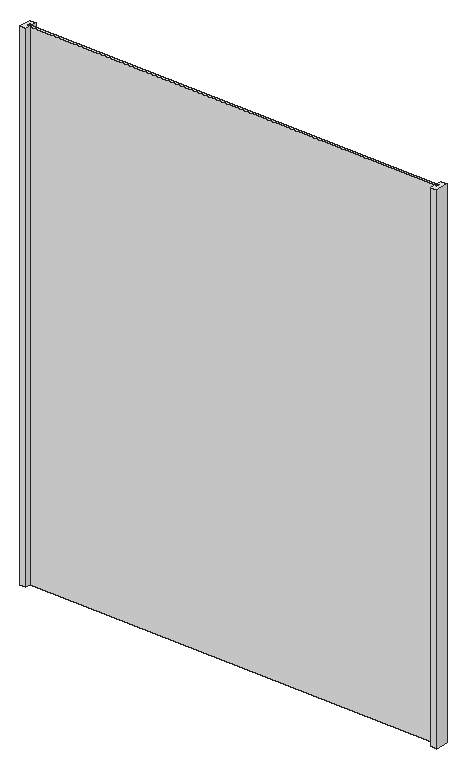
Revit family
Parameters (values of type "FSH1")
  창 폭 = 800 mm
  프레임 중심 = 200 mm
  창 높이 = 1250 mm
  프레임 그림 [instance] = 17
  프레임 투영 외부. = 25 mm
  프레임 투영 내부. = 25 mm
  프레임 폭 = 75 mm
  Height = 4200 mm
  Wall Closure = (empty or 0)
  Width = 3500 mm
  문 패널 = FSH1 문 패널
  문 프레임 = FSH1 문 프레임
Types (5, lengths in mm): name | 창 폭 | 프레임 중심 | 창 높이 | 프레임 그림 | Height | Width | 문 패널 | 문 프레임
  (no name) | 800 | 200 | 1250 | 17 | 4200 | 3500 | FSH1 문 패널 | FSH1 문 프레임
  FSH1 | 800 | 200 | 1250 | 17 | 4200 | 3500 | FSH1 문 패널 | FSH1 문 프레임
  FSH2 | 440 | 200 | 1210 | 11 | 2600 | 1700 | FSH2 문 패널 | FSH2 문 프레임
  FSH3 | 900 | 100 | 1210 | 11 | 2600 | 4900 | FSH3 문 패널 | FSH3 문 프레임
  FSH4 | 900 | 100 | 1210 | 11 | 2600 | 5100 | FSH4 문 패널 | FSH4 문 프레임
Reference planes
  plane 1: y = 0
  plane 2 "왼쪽": x = -1750
  plane 3 "오른쪽": x = 1750
  plane 4: z = 4200
  plane 5 "외부": y = 125
  plane 6 "내부": y = -125
  plane 7: y = 75
  plane 8 "외부 면": y = 85
  plane 9 "내부 면": y = 65
  plane 10: y = 125
  plane 11: y = 25
  plane 12: x = -1700
  plane 13: x = 1700
  plane 14: x = -1720
  plane 15: x = 1720
  plane 16: x = -1713
  plane 17: x = 1713
  plane 18: x = -583.333
  plane 19: x = 583.333
  plane 20: x = -608.333
  plane 21: x = -558.333
  plane 22: x = 608.333
  plane 23: x = 558.333
  plane 24: z = 1250
  plane 25: z = 1355
  plane 26: x = 1566.667
  plane 27: x = 766.667
  plane 28: x = 400
  plane 29: x = -400
  plane 30: x = -766.667
  plane 31: x = -1566.667
  plane 32: x = -1166.667
  plane 33: x = 0
  plane 34: x = 1166.667
Forms (mm)
  Extrusion 1, solid, material "FSH1 문 프레임" <- "문 프레임"
    sketch origin (0, 0, 0) x (1, 0, 0) y (0, 1, 0)
      loop
        line (-1750, 125) -> (-1750, 25) -> (-1700, 25) -> (-1700, 65) -> (-1720, 65) -> (-1720, 85) -> (-1700, 85) -> (-1700, 125) -> (-1750, 125)
      loop
        line (1750, 125) -> (1700, 125) -> (1700, 85) -> (1720, 85) -> (1720, 65) -> (1700, 65) -> (1700, 25) -> (1750, 25) -> (1750, 125)
    from 0 to 4200
  Extrusion 2, solid, material "FSH1 문 패널" <- "문 패널"
    sketch origin (0, 0, 0) x (1, 0, 0) y (0, 1, 0)
      loop
        line (-1713, 65) -> (1713, 65) -> (1713, 85) -> (-1713, 85) -> (-1713, 65)
    from 0 to 4200
Lines and regions (mm)
  Opening 1
    outline origin (-3050, -125, 0) x (1, 0, 0) y (0, 0, 1)
      loop
        line (1300, 0) -> (4800, 0) -> (4800, 4200) -> (1300, 4200) -> (1300, 0)
  model lines, style "DoorsPanelProjection"
    curve 1: line (1749.979, 125, 1630.271) -> (1749.979, 125, 0)
    curve 2: line (-1750, 125, 1630.271) -> (-1750, 125, 0)
  model lines, style "평면 스윙"
    curve 3: line (-1713, 85, 0) -> (1700, 85, 0)
    curve 4: line (1713, 85, 0) -> (1713, 65, 0)
    curve 5: line (1700, 65, 0) -> (-1713, 65, 0)
    curve 6: line (-1720, 85, 0) -> (-1720, 65, 0)
    curve 11: line (-1713, 65, 0) -> (1700, 65, 0)
    curve 12: line (1713, 65, 0) -> (1713, 85, 0)
    curve 13: line (1700, 85, 0) -> (-1713, 85, 0)
    curve 14: line (-1720, 65, 0) -> (-1720, 85, 0)
  model lines, style "입면도 스윙"
    curve 7: line (608.333, 85, 0) -> (608.333, 85, 4200)
    curve 8: line (558.333, 85, 4200) -> (558.333, 85, 0)
    curve 9: line (-558.333, 85, 0) -> (-558.333, 85, 4200)
    curve 10: line (-608.333, 85, 0) -> (-608.333, 85, 4200)
    curve 15: line (1700, 85, 4170) -> (-1700, 85, 4170)
    curve 16: line (1700, 85, 2400) -> (-1700, 85, 2400)
    curve 17: line (1700, 85, 2370) -> (-1700, 85, 2370)
    curve 18: line (1700, 85, 2160) -> (-1700, 85, 2160)
    curve 19: line (1700, 85, 2130) -> (-1700, 85, 2130)
    curve 20: line (1700, 85, 1920) -> (-1700, 85, 1920)
    curve 21: line (1700, 85, 1890) -> (-1700, 85, 1890)
    curve 22: line (1700, 85, 1680) -> (-1700, 85, 1680)
    curve 23: line (1700, 85, 1650) -> (-1700, 85, 1650)
    curve 24: line (1700, 85, 1440) -> (-1700, 85, 1440)
    curve 25: line (1700, 85, 1410) -> (-1700, 85, 1410)
    curve 26: line (1700, 85, 1200) -> (-1700, 85, 1200)
    curve 27: line (1700, 85, 1170) -> (-1700, 85, 1170)
    curve 28: line (1700, 85, 960) -> (-1700, 85, 960)
    curve 29: line (1700, 85, 930) -> (-1700, 85, 930)
    curve 30: line (1700, 85, 720) -> (-1700, 85, 720)
    curve 31: line (1700, 85, 690) -> (-1700, 85, 690)
    curve 32: line (1700, 85, 480) -> (-1700, 85, 480)
    curve 33: line (1700, 85, 450) -> (-1700, 85, 450)
    curve 34: line (1700, 85, 240) -> (-1700, 85, 240)
    curve 35: line (1700, 85, 210) -> (-1700, 85, 210)
    curve 36: line (1700, 65, 4170) -> (-1700, 65, 4170)
    curve 37: line (1700, 65, 2400) -> (-1700, 65, 2400)
    curve 38: line (1700, 65, 2370) -> (-1700, 65, 2370)
    curve 39: line (1700, 65, 2160) -> (-1700, 65, 2160)
    curve 40: line (1700, 65, 2130) -> (-1700, 65, 2130)
    curve 41: line (1700, 65, 1920) -> (-1700, 65, 1920)
    curve 42: line (1700, 65, 1890) -> (-1700, 65, 1890)
    curve 43: line (1700, 65, 1680) -> (-1700, 65, 1680)
    curve 44: line (1700, 65, 1650) -> (-1700, 65, 1650)
    curve 45: line (1700, 65, 1440) -> (-1700, 65, 1440)
    curve 46: line (1700, 65, 1410) -> (-1700, 65, 1410)
    curve 47: line (1700, 65, 1200) -> (-1700, 65, 1200)
    curve 48: line (1700, 65, 1170) -> (-1700, 65, 1170)
    curve 49: line (1700, 65, 960) -> (-1700, 65, 960)
    curve 50: line (1700, 65, 930) -> (-1700, 65, 930)
    curve 51: line (1700, 65, 720) -> (-1700, 65, 720)
    curve 52: line (1700, 65, 690) -> (-1700, 65, 690)
    curve 53: line (1700, 65, 480) -> (-1700, 65, 480)
    curve 54: line (1700, 65, 450) -> (-1700, 65, 450)
    curve 55: line (1700, 65, 240) -> (-1700, 65, 240)
    curve 56: line (1700, 65, 210) -> (-1700, 65, 210)
    curve 57: spline (1514.167, 65, 1355) -> (1521.019, 65, 1354.641) -> (1527.755, 65, 1353.569) -> (1534.258, 65, 1351.803) -> (1540.417, 65, 1349.373) -> (1546.127, 65, 1346.321) -> (1551.29, 65, 1342.698) -> (1555.818, 65, 1338.568) -> (1559.633, 65, 1334) -> (1562.67, 65, 1329.073) -> (1564.878, 65, 1323.87) -> (1566.218, 65, 1318.482) -> (1566.667, 65, 1313)
    curve 58: line (1566.667, 65, 1292) -> (1566.667, 65, 1313)
    curve 59: spline (1566.667, 65, 1292) -> (1566.218, 65, 1286.518) -> (1564.878, 65, 1281.13) -> (1562.67, 65, 1275.927) -> (1559.633, 65, 1271) -> (1555.818, 65, 1266.432) -> (1551.29, 65, 1262.302) -> (1546.127, 65, 1258.679) -> (1540.417, 65, 1255.627) -> (1534.258, 65, 1253.197) -> (1527.755, 65, 1251.431) -> (1521.019, 65, 1250.359) -> (1514.167, 65, 1250)
    curve 60: spline (1514.167, 65, 1348) -> (1519.877, 65, 1347.701) -> (1525.49, 65, 1346.807) -> (1530.909, 65, 1345.336) -> (1536.042, 65, 1343.311) -> (1540.8, 65, 1340.767) -> (1545.103, 65, 1337.749) -> (1548.876, 65, 1334.307) -> (1552.055, 65, 1330.5) -> (1554.586, 65, 1326.394) -> (1556.426, 65, 1322.059) -> (1557.542, 65, 1317.568) -> (1557.917, 65, 1313)
    curve 61: line (1557.917, 65, 1292) -> (1557.917, 65, 1313)
    curve 62: spline (1557.917, 65, 1292) -> (1557.542, 65, 1287.432) -> (1556.426, 65, 1282.941) -> (1554.586, 65, 1278.606) -> (1552.055, 65, 1274.5) -> (1548.876, 65, 1270.693) -> (1545.103, 65, 1267.251) -> (1540.8, 65, 1264.233) -> (1536.042, 65, 1261.689) -> (1530.909, 65, 1259.664) -> (1525.49, 65, 1258.193) -> (1519.877, 65, 1257.299) -> (1514.167, 65, 1257)
    curve 63: line (1514.167, 65, 1355) -> (819.167, 65, 1355)
    curve 64: line (1514.167, 65, 1348) -> (819.167, 65, 1348)
    curve 65: line (819.167, 65, 1257) -> (1514.167, 65, 1257)
    curve 66: line (819.167, 65, 1250) -> (1514.167, 65, 1250)
    curve 67: line (1487.905, 65, 1324.669) -> (1530.982, 65, 1294.047)
    curve 68: line (1481.554, 65, 1323.145) -> (1524.63, 65, 1292.523)
    curve 69: line (960.525, 65, 1337.995) -> (1003.601, 65, 1307.373)
    curve 70: line (966.877, 65, 1327.835) -> (1009.953, 65, 1297.213)
    curve 71: line (852.973, 65, 1294.699) -> (896.05, 65, 1264.077)
    curve 72: line (837.729, 65, 1299.27) -> (880.805, 65, 1268.649)
    curve 73: spline (775.417, 65, 1313) -> (775.791, 65, 1317.568) -> (776.907, 65, 1322.059) -> (778.747, 65, 1326.394) -> (781.278, 65, 1330.5) -> (784.457, 65, 1334.307) -> (788.231, 65, 1337.749) -> (792.533, 65, 1340.767) -> (797.292, 65, 1343.311) -> (802.424, 65, 1345.336) -> (807.843, 65, 1346.807) -> (813.456, 65, 1347.701) -> (819.167, 65, 1348)
    curve 74: spline (766.667, 65, 1313) -> (767.116, 65, 1318.482) -> (768.456, 65, 1323.87) -> (770.663, 65, 1329.073) -> (773.7, 65, 1334) -> (777.516, 65, 1338.568) -> (782.044, 65, 1342.698) -> (787.207, 65, 1346.321) -> (792.917, 65, 1349.373) -> (799.076, 65, 1351.803) -> (805.579, 65, 1353.569) -> (812.314, 65, 1354.641) -> (819.167, 65, 1355)
    curve 75: line (775.417, 65, 1313) -> (775.417, 65, 1292)
    curve 76: line (766.667, 65, 1313) -> (766.667, 65, 1292)
    curve 77: spline (819.167, 65, 1257) -> (813.456, 65, 1257.299) -> (807.843, 65, 1258.193) -> (802.424, 65, 1259.664) -> (797.292, 65, 1261.689) -> (792.533, 65, 1264.233) -> (788.231, 65, 1267.251) -> (784.457, 65, 1270.693) -> (781.278, 65, 1274.5) -> (778.747, 65, 1278.606) -> (776.907, 65, 1282.941) -> (775.791, 65, 1287.432) -> (775.417, 65, 1292)
    curve 78: spline (819.167, 65, 1250) -> (812.314, 65, 1250.359) -> (805.579, 65, 1251.431) -> (799.076, 65, 1253.197) -> (792.917, 65, 1255.627) -> (787.207, 65, 1258.679) -> (782.044, 65, 1262.302) -> (777.516, 65, 1266.432) -> (773.7, 65, 1271) -> (770.663, 65, 1275.927) -> (768.456, 65, 1281.13) -> (767.116, 65, 1286.518) -> (766.667, 65, 1292)
    curve 79: line (347.5, 65, 1355) -> (-347.5, 65, 1355)
    curve 80: line (347.5, 65, 1348) -> (-347.5, 65, 1348)
    curve 81: spline (347.5, 65, 1355) -> (354.353, 65, 1354.641) -> (361.088, 65, 1353.569) -> (367.591, 65, 1351.803) -> (373.75, 65, 1349.373) -> (379.46, 65, 1346.321) -> (384.623, 65, 1342.698) -> (389.151, 65, 1338.568) -> (392.966, 65, 1334) -> (396.004, 65, 1329.073) -> (398.211, 65, 1323.87) -> (399.551, 65, 1318.482) -> (400, 65, 1313)
    curve 82: spline (347.5, 65, 1348) -> (353.211, 65, 1347.701) -> (358.823, 65, 1346.807) -> (364.242, 65, 1345.336) -> (369.375, 65, 1343.311) -> (374.133, 65, 1340.767) -> (378.436, 65, 1337.749) -> (382.209, 65, 1334.307) -> (385.389, 65, 1330.5) -> (387.92, 65, 1326.394) -> (389.759, 65, 1322.059) -> (390.876, 65, 1317.568) -> (391.25, 65, 1313)
    curve 83: line (400, 65, 1292) -> (400, 65, 1313)
    curve 84: line (391.25, 65, 1292) -> (391.25, 65, 1313)
    curve 85: spline (400, 65, 1292) -> (399.551, 65, 1286.518) -> (398.211, 65, 1281.13) -> (396.004, 65, 1275.927) -> (392.966, 65, 1271) -> (389.151, 65, 1266.432) -> (384.623, 65, 1262.302) -> (379.46, 65, 1258.679) -> (373.75, 65, 1255.627) -> (367.591, 65, 1253.197) -> (361.088, 65, 1251.431) -> (354.353, 65, 1250.359) -> (347.5, 65, 1250)
    curve 86: spline (391.25, 65, 1292) -> (390.876, 65, 1287.432) -> (389.759, 65, 1282.941) -> (387.92, 65, 1278.606) -> (385.389, 65, 1274.5) -> (382.209, 65, 1270.693) -> (378.436, 65, 1267.251) -> (374.133, 65, 1264.233) -> (369.375, 65, 1261.689) -> (364.242, 65, 1259.664) -> (358.823, 65, 1258.193) -> (353.211, 65, 1257.299) -> (347.5, 65, 1257)
    curve 87: line (321.239, 65, 1324.669) -> (364.315, 65, 1294.047)
    curve 88: line (314.887, 65, 1323.145) -> (357.963, 65, 1292.523)
    curve 89: line (-347.5, 65, 1257) -> (347.5, 65, 1257)
    curve 90: line (-347.5, 65, 1250) -> (347.5, 65, 1250)
    curve 91: line (-206.142, 65, 1337.995) -> (-163.066, 65, 1307.373)
    curve 92: line (-199.79, 65, 1327.835) -> (-156.714, 65, 1297.213)
    curve 93: line (-313.693, 65, 1294.699) -> (-270.617, 65, 1264.077)
    curve 94: line (-328.938, 65, 1299.27) -> (-285.861, 65, 1268.649)
    curve 95: spline (-400, 65, 1313) -> (-399.551, 65, 1318.482) -> (-398.211, 65, 1323.87) -> (-396.004, 65, 1329.073) -> (-392.966, 65, 1334) -> (-389.151, 65, 1338.568) -> (-384.623, 65, 1342.698) -> (-379.46, 65, 1346.321) -> (-373.75, 65, 1349.373) -> (-367.591, 65, 1351.803) -> (-361.088, 65, 1353.569) -> (-354.353, 65, 1354.641) -> (-347.5, 65, 1355)
    curve 96: spline (-391.25, 65, 1313) -> (-390.876, 65, 1317.568) -> (-389.759, 65, 1322.059) -> (-387.92, 65, 1326.394) -> (-385.389, 65, 1330.5) -> (-382.209, 65, 1334.307) -> (-378.436, 65, 1337.749) -> (-374.133, 65, 1340.767) -> (-369.375, 65, 1343.311) -> (-364.242, 65, 1345.336) -> (-358.823, 65, 1346.807) -> (-353.211, 65, 1347.701) -> (-347.5, 65, 1348)
    curve 97: line (-400, 65, 1313) -> (-400, 65, 1292)
    curve 98: line (-391.25, 65, 1313) -> (-391.25, 65, 1292)
    curve 99: spline (-347.5, 65, 1250) -> (-354.353, 65, 1250.359) -> (-361.088, 65, 1251.431) -> (-367.591, 65, 1253.197) -> (-373.75, 65, 1255.627) -> (-379.46, 65, 1258.679) -> (-384.623, 65, 1262.302) -> (-389.151, 65, 1266.432) -> (-392.966, 65, 1271) -> (-396.004, 65, 1275.927) -> (-398.211, 65, 1281.13) -> (-399.551, 65, 1286.518) -> (-400, 65, 1292)
    curve 100: spline (-347.5, 65, 1257) -> (-353.211, 65, 1257.299) -> (-358.823, 65, 1258.193) -> (-364.242, 65, 1259.664) -> (-369.375, 65, 1261.689) -> (-374.133, 65, 1264.233) -> (-378.436, 65, 1267.251) -> (-382.209, 65, 1270.693) -> (-385.389, 65, 1274.5) -> (-387.92, 65, 1278.606) -> (-389.759, 65, 1282.941) -> (-390.876, 65, 1287.432) -> (-391.25, 65, 1292)
    curve 101: line (-819.167, 65, 1355) -> (-1514.167, 65, 1355)
    curve 102: line (-819.167, 65, 1348) -> (-1514.167, 65, 1348)
    curve 103: spline (-819.167, 65, 1355) -> (-812.314, 65, 1354.641) -> (-805.579, 65, 1353.569) -> (-799.076, 65, 1351.803) -> (-792.917, 65, 1349.373) -> (-787.207, 65, 1346.321) -> (-782.044, 65, 1342.698) -> (-777.516, 65, 1338.568) -> (-773.7, 65, 1334) -> (-770.663, 65, 1329.073) -> (-768.456, 65, 1323.87) -> (-767.116, 65, 1318.482) -> (-766.667, 65, 1313)
    curve 104: spline (-819.167, 65, 1348) -> (-813.456, 65, 1347.701) -> (-807.843, 65, 1346.807) -> (-802.424, 65, 1345.336) -> (-797.292, 65, 1343.311) -> (-792.533, 65, 1340.767) -> (-788.231, 65, 1337.749) -> (-784.457, 65, 1334.307) -> (-781.278, 65, 1330.5) -> (-778.747, 65, 1326.394) -> (-776.907, 65, 1322.059) -> (-775.791, 65, 1317.568) -> (-775.417, 65, 1313)
    curve 105: line (-766.667, 65, 1292) -> (-766.667, 65, 1313)
    curve 106: line (-775.417, 65, 1292) -> (-775.417, 65, 1313)
    curve 107: spline (-766.667, 65, 1292) -> (-767.116, 65, 1286.518) -> (-768.456, 65, 1281.13) -> (-770.663, 65, 1275.927) -> (-773.7, 65, 1271) -> (-777.516, 65, 1266.432) -> (-782.044, 65, 1262.302) -> (-787.207, 65, 1258.679) -> (-792.917, 65, 1255.627) -> (-799.076, 65, 1253.197) -> (-805.579, 65, 1251.431) -> (-812.314, 65, 1250.359) -> (-819.167, 65, 1250)
    curve 108: spline (-775.417, 65, 1292) -> (-775.791, 65, 1287.432) -> (-776.907, 65, 1282.941) -> (-778.747, 65, 1278.606) -> (-781.278, 65, 1274.5) -> (-784.457, 65, 1270.693) -> (-788.231, 65, 1267.251) -> (-792.533, 65, 1264.233) -> (-797.292, 65, 1261.689) -> (-802.424, 65, 1259.664) -> (-807.843, 65, 1258.193) -> (-813.456, 65, 1257.299) -> (-819.167, 65, 1257)
    curve 109: line (-845.428, 65, 1324.669) -> (-802.351, 65, 1294.047)
    curve 110: line (-851.78, 65, 1323.145) -> (-808.703, 65, 1292.523)
    curve 111: line (-1514.167, 65, 1257) -> (-819.167, 65, 1257)
    curve 112: line (-1514.167, 65, 1250) -> (-819.167, 65, 1250)
    curve 113: line (-1372.809, 65, 1337.995) -> (-1329.732, 65, 1307.373)
    curve 114: line (-1366.457, 65, 1327.835) -> (-1323.38, 65, 1297.213)
    curve 115: line (-1445.605, 65, 1299.27) -> (-1402.528, 65, 1268.649)
    curve 116: line (-1480.36, 65, 1294.699) -> (-1437.284, 65, 1264.077)
    curve 117: spline (-1557.917, 65, 1313) -> (-1557.542, 65, 1317.568) -> (-1556.426, 65, 1322.059) -> (-1554.586, 65, 1326.394) -> (-1552.055, 65, 1330.5) -> (-1548.876, 65, 1334.307) -> (-1545.103, 65, 1337.749) -> (-1540.8, 65, 1340.767) -> (-1536.042, 65, 1343.311) -> (-1530.909, 65, 1345.336) -> (-1525.49, 65, 1346.807) -> (-1519.877, 65, 1347.701) -> (-1514.167, 65, 1348)
    curve 118: spline (-1566.667, 65, 1313) -> (-1566.218, 65, 1318.482) -> (-1564.878, 65, 1323.87) -> (-1562.67, 65, 1329.073) -> (-1559.633, 65, 1334) -> (-1555.818, 65, 1338.568) -> (-1551.29, 65, 1342.698) -> (-1546.127, 65, 1346.321) -> (-1540.417, 65, 1349.373) -> (-1534.258, 65, 1351.803) -> (-1527.755, 65, 1353.569) -> (-1521.019, 65, 1354.641) -> (-1514.167, 65, 1355)
    curve 119: line (-1557.917, 65, 1313) -> (-1557.917, 65, 1292)
    curve 120: line (-1566.667, 65, 1313) -> (-1566.667, 65, 1292)
    curve 121: spline (-1514.167, 65, 1257) -> (-1519.877, 65, 1257.299) -> (-1525.49, 65, 1258.193) -> (-1530.909, 65, 1259.664) -> (-1536.042, 65, 1261.689) -> (-1540.8, 65, 1264.233) -> (-1545.103, 65, 1267.251) -> (-1548.876, 65, 1270.693) -> (-1552.055, 65, 1274.5) -> (-1554.586, 65, 1278.606) -> (-1556.426, 65, 1282.941) -> (-1557.542, 65, 1287.432) -> (-1557.917, 65, 1292)
    curve 122: spline (-1514.167, 65, 1250) -> (-1521.019, 65, 1250.359) -> (-1527.755, 65, 1251.431) -> (-1534.258, 65, 1253.197) -> (-1540.417, 65, 1255.627) -> (-1546.127, 65, 1258.679) -> (-1551.29, 65, 1262.302) -> (-1555.818, 65, 1266.432) -> (-1559.633, 65, 1271) -> (-1562.67, 65, 1275.927) -> (-1564.878, 65, 1281.13) -> (-1566.218, 65, 1286.518) -> (-1566.667, 65, 1292)
    curve 123: line (1514.167, 85, 1355) -> (819.167, 85, 1355)
    curve 124: line (1514.167, 85, 1348) -> (819.167, 85, 1348)
    curve 125: spline (1514.167, 85, 1355) -> (1521.019, 85, 1354.641) -> (1527.755, 85, 1353.569) -> (1534.258, 85, 1351.803) -> (1540.417, 85, 1349.373) -> (1546.127, 85, 1346.321) -> (1551.29, 85, 1342.698) -> (1555.818, 85, 1338.568) -> (1559.633, 85, 1334) -> (1562.67, 85, 1329.073) -> (1564.878, 85, 1323.87) -> (1566.218, 85, 1318.482) -> (1566.667, 85, 1313)
    curve 126: spline (1514.167, 85, 1348) -> (1519.877, 85, 1347.701) -> (1525.49, 85, 1346.807) -> (1530.909, 85, 1345.336) -> (1536.042, 85, 1343.311) -> (1540.8, 85, 1340.767) -> (1545.103, 85, 1337.749) -> (1548.876, 85, 1334.307) -> (1552.055, 85, 1330.5) -> (1554.586, 85, 1326.394) -> (1556.426, 85, 1322.059) -> (1557.542, 85, 1317.568) -> (1557.917, 85, 1313)
    curve 127: line (1566.667, 85, 1292) -> (1566.667, 85, 1313)
    curve 128: line (1557.917, 85, 1292) -> (1557.917, 85, 1313)
    curve 129: spline (1566.667, 85, 1292) -> (1566.218, 85, 1286.518) -> (1564.878, 85, 1281.13) -> (1562.67, 85, 1275.927) -> (1559.633, 85, 1271) -> (1555.818, 85, 1266.432) -> (1551.29, 85, 1262.302) -> (1546.127, 85, 1258.679) -> (1540.417, 85, 1255.627) -> (1534.258, 85, 1253.197) -> (1527.755, 85, 1251.431) -> (1521.019, 85, 1250.359) -> (1514.167, 85, 1250)
    curve 130: spline (1557.917, 85, 1292) -> (1557.542, 85, 1287.432) -> (1556.426, 85, 1282.941) -> (1554.586, 85, 1278.606) -> (1552.055, 85, 1274.5) -> (1548.876, 85, 1270.693) -> (1545.103, 85, 1267.251) -> (1540.8, 85, 1264.233) -> (1536.042, 85, 1261.689) -> (1530.909, 85, 1259.664) -> (1525.49, 85, 1258.193) -> (1519.877, 85, 1257.299) -> (1514.167, 85, 1257)
    curve 131: line (819.167, 85, 1257) -> (1514.167, 85, 1257)
    curve 132: line (819.167, 85, 1250) -> (1514.167, 85, 1250)
    curve 133: line (1487.905, 85, 1324.669) -> (1530.982, 85, 1294.047)
    curve 134: line (1481.554, 85, 1323.145) -> (1524.63, 85, 1292.523)
    curve 135: line (960.525, 85, 1337.995) -> (1003.601, 85, 1307.373)
    curve 136: line (966.877, 85, 1327.835) -> (1009.953, 85, 1297.213)
    curve 137: line (852.973, 85, 1294.699) -> (896.05, 85, 1264.077)
    curve 138: line (837.729, 85, 1299.27) -> (880.805, 85, 1268.649)
    curve 139: spline (775.417, 85, 1313) -> (775.791, 85, 1317.568) -> (776.907, 85, 1322.059) -> (778.747, 85, 1326.394) -> (781.278, 85, 1330.5) -> (784.457, 85, 1334.307) -> (788.231, 85, 1337.749) -> (792.533, 85, 1340.767) -> (797.292, 85, 1343.311) -> (802.424, 85, 1345.336) -> (807.843, 85, 1346.807) -> (813.456, 85, 1347.701) -> (819.167, 85, 1348)
    curve 140: spline (766.667, 85, 1313) -> (767.116, 85, 1318.482) -> (768.456, 85, 1323.87) -> (770.663, 85, 1329.073) -> (773.7, 85, 1334) -> (777.516, 85, 1338.568) -> (782.044, 85, 1342.698) -> (787.207, 85, 1346.321) -> (792.917, 85, 1349.373) -> (799.076, 85, 1351.803) -> (805.579, 85, 1353.569) -> (812.314, 85, 1354.641) -> (819.167, 85, 1355)
    curve 141: line (775.417, 85, 1313) -> (775.417, 85, 1292)
    curve 142: line (766.667, 85, 1313) -> (766.667, 85, 1292)
    curve 143: spline (819.167, 85, 1257) -> (813.456, 85, 1257.299) -> (807.843, 85, 1258.193) -> (802.424, 85, 1259.664) -> (797.292, 85, 1261.689) -> (792.533, 85, 1264.233) -> (788.231, 85, 1267.251) -> (784.457, 85, 1270.693) -> (781.278, 85, 1274.5) -> (778.747, 85, 1278.606) -> (776.907, 85, 1282.941) -> (775.791, 85, 1287.432) -> (775.417, 85, 1292)
    curve 144: spline (819.167, 85, 1250) -> (812.314, 85, 1250.359) -> (805.579, 85, 1251.431) -> (799.076, 85, 1253.197) -> (792.917, 85, 1255.627) -> (787.207, 85, 1258.679) -> (782.044, 85, 1262.302) -> (777.516, 85, 1266.432) -> (773.7, 85, 1271) -> (770.663, 85, 1275.927) -> (768.456, 85, 1281.13) -> (767.116, 85, 1286.518) -> (766.667, 85, 1292)
    curve 145: line (347.5, 85, 1355) -> (-347.5, 85, 1355)
    curve 146: line (347.5, 85, 1348) -> (-347.5, 85, 1348)
    curve 147: spline (347.5, 85, 1355) -> (354.353, 85, 1354.641) -> (361.088, 85, 1353.569) -> (367.591, 85, 1351.803) -> (373.75, 85, 1349.373) -> (379.46, 85, 1346.321) -> (384.623, 85, 1342.698) -> (389.151, 85, 1338.568) -> (392.966, 85, 1334) -> (396.004, 85, 1329.073) -> (398.211, 85, 1323.87) -> (399.551, 85, 1318.482) -> (400, 85, 1313)
    curve 148: spline (347.5, 85, 1348) -> (353.211, 85, 1347.701) -> (358.823, 85, 1346.807) -> (364.242, 85, 1345.336) -> (369.375, 85, 1343.311) -> (374.133, 85, 1340.767) -> (378.436, 85, 1337.749) -> (382.209, 85, 1334.307) -> (385.389, 85, 1330.5) -> (387.92, 85, 1326.394) -> (389.759, 85, 1322.059) -> (390.876, 85, 1317.568) -> (391.25, 85, 1313)
    curve 149: line (400, 85, 1292) -> (400, 85, 1313)
    curve 150: line (391.25, 85, 1292) -> (391.25, 85, 1313)
    curve 151: spline (400, 85, 1292) -> (399.551, 85, 1286.518) -> (398.211, 85, 1281.13) -> (396.004, 85, 1275.927) -> (392.966, 85, 1271) -> (389.151, 85, 1266.432) -> (384.623, 85, 1262.302) -> (379.46, 85, 1258.679) -> (373.75, 85, 1255.627) -> (367.591, 85, 1253.197) -> (361.088, 85, 1251.431) -> (354.353, 85, 1250.359) -> (347.5, 85, 1250)
    curve 152: spline (391.25, 85, 1292) -> (390.876, 85, 1287.432) -> (389.759, 85, 1282.941) -> (387.92, 85, 1278.606) -> (385.389, 85, 1274.5) -> (382.209, 85, 1270.693) -> (378.436, 85, 1267.251) -> (374.133, 85, 1264.233) -> (369.375, 85, 1261.689) -> (364.242, 85, 1259.664) -> (358.823, 85, 1258.193) -> (353.211, 85, 1257.299) -> (347.5, 85, 1257)
    curve 153: line (-347.5, 85, 1257) -> (347.5, 85, 1257)
    curve 154: line (-347.5, 85, 1250) -> (347.5, 85, 1250)
    curve 155: line (321.239, 85, 1324.669) -> (364.315, 85, 1294.047)
    curve 156: line (314.887, 85, 1323.145) -> (357.963, 85, 1292.523)
    curve 157: line (-206.142, 85, 1337.995) -> (-163.066, 85, 1307.373)
    curve 158: line (-199.79, 85, 1327.835) -> (-156.714, 85, 1297.213)
    curve 159: line (-313.693, 85, 1294.699) -> (-270.617, 85, 1264.077)
    curve 160: line (-328.938, 85, 1299.27) -> (-285.861, 85, 1268.649)
    curve 161: spline (-391.25, 85, 1313) -> (-390.876, 85, 1317.568) -> (-389.759, 85, 1322.059) -> (-387.92, 85, 1326.394) -> (-385.389, 85, 1330.5) -> (-382.209, 85, 1334.307) -> (-378.436, 85, 1337.749) -> (-374.133, 85, 1340.767) -> (-369.375, 85, 1343.311) -> (-364.242, 85, 1345.336) -> (-358.823, 85, 1346.807) -> (-353.211, 85, 1347.701) -> (-347.5, 85, 1348)
    curve 162: spline (-400, 85, 1313) -> (-399.551, 85, 1318.482) -> (-398.211, 85, 1323.87) -> (-396.004, 85, 1329.073) -> (-392.966, 85, 1334) -> (-389.151, 85, 1338.568) -> (-384.623, 85, 1342.698) -> (-379.46, 85, 1346.321) -> (-373.75, 85, 1349.373) -> (-367.591, 85, 1351.803) -> (-361.088, 85, 1353.569) -> (-354.353, 85, 1354.641) -> (-347.5, 85, 1355)
    curve 163: line (-391.25, 85, 1313) -> (-391.25, 85, 1292)
    curve 164: line (-400, 85, 1313) -> (-400, 85, 1292)
    curve 165: spline (-347.5, 85, 1257) -> (-353.211, 85, 1257.299) -> (-358.823, 85, 1258.193) -> (-364.242, 85, 1259.664) -> (-369.375, 85, 1261.689) -> (-374.133, 85, 1264.233) -> (-378.436, 85, 1267.251) -> (-382.209, 85, 1270.693) -> (-385.389, 85, 1274.5) -> (-387.92, 85, 1278.606) -> (-389.759, 85, 1282.941) -> (-390.876, 85, 1287.432) -> (-391.25, 85, 1292)
    curve 166: spline (-347.5, 85, 1250) -> (-354.353, 85, 1250.359) -> (-361.088, 85, 1251.431) -> (-367.591, 85, 1253.197) -> (-373.75, 85, 1255.627) -> (-379.46, 85, 1258.679) -> (-384.623, 85, 1262.302) -> (-389.151, 85, 1266.432) -> (-392.966, 85, 1271) -> (-396.004, 85, 1275.927) -> (-398.211, 85, 1281.13) -> (-399.551, 85, 1286.518) -> (-400, 85, 1292)
    curve 167: line (-819.167, 85, 1355) -> (-1514.167, 85, 1355)
    curve 168: line (-819.167, 85, 1348) -> (-1514.167, 85, 1348)
    curve 169: spline (-819.167, 85, 1355) -> (-812.314, 85, 1354.641) -> (-805.579, 85, 1353.569) -> (-799.076, 85, 1351.803) -> (-792.917, 85, 1349.373) -> (-787.207, 85, 1346.321) -> (-782.044, 85, 1342.698) -> (-777.516, 85, 1338.568) -> (-773.7, 85, 1334) -> (-770.663, 85, 1329.073) -> (-768.456, 85, 1323.87) -> (-767.116, 85, 1318.482) -> (-766.667, 85, 1313)
    curve 170: spline (-819.167, 85, 1348) -> (-813.456, 85, 1347.701) -> (-807.843, 85, 1346.807) -> (-802.424, 85, 1345.336) -> (-797.292, 85, 1343.311) -> (-792.533, 85, 1340.767) -> (-788.231, 85, 1337.749) -> (-784.457, 85, 1334.307) -> (-781.278, 85, 1330.5) -> (-778.747, 85, 1326.394) -> (-776.907, 85, 1322.059) -> (-775.791, 85, 1317.568) -> (-775.417, 85, 1313)
    curve 171: line (-766.667, 85, 1292) -> (-766.667, 85, 1313)
    curve 172: line (-775.417, 85, 1292) -> (-775.417, 85, 1313)
    curve 173: spline (-766.667, 85, 1292) -> (-767.116, 85, 1286.518) -> (-768.456, 85, 1281.13) -> (-770.663, 85, 1275.927) -> (-773.7, 85, 1271) -> (-777.516, 85, 1266.432) -> (-782.044, 85, 1262.302) -> (-787.207, 85, 1258.679) -> (-792.917, 85, 1255.627) -> (-799.076, 85, 1253.197) -> (-805.579, 85, 1251.431) -> (-812.314, 85, 1250.359) -> (-819.167, 85, 1250)
    curve 174: spline (-775.417, 85, 1292) -> (-775.791, 85, 1287.432) -> (-776.907, 85, 1282.941) -> (-778.747, 85, 1278.606) -> (-781.278, 85, 1274.5) -> (-784.457, 85, 1270.693) -> (-788.231, 85, 1267.251) -> (-792.533, 85, 1264.233) -> (-797.292, 85, 1261.689) -> (-802.424, 85, 1259.664) -> (-807.843, 85, 1258.193) -> (-813.456, 85, 1257.299) -> (-819.167, 85, 1257)
    curve 175: line (-845.428, 85, 1324.669) -> (-802.351, 85, 1294.047)
    curve 176: line (-851.78, 85, 1323.145) -> (-808.703, 85, 1292.523)
    curve 177: line (-1514.167, 85, 1257) -> (-819.167, 85, 1257)
    curve 178: line (-1514.167, 85, 1250) -> (-819.167, 85, 1250)
    curve 179: line (-1372.809, 85, 1337.995) -> (-1329.732, 85, 1307.373)
    curve 180: line (-1366.457, 85, 1327.835) -> (-1323.38, 85, 1297.213)
    curve 181: line (-1445.605, 85, 1299.27) -> (-1402.528, 85, 1268.649)
    curve 182: line (-1480.36, 85, 1294.699) -> (-1437.284, 85, 1264.077)
    curve 183: spline (-1566.667, 85, 1313) -> (-1566.218, 85, 1318.482) -> (-1564.878, 85, 1323.87) -> (-1562.67, 85, 1329.073) -> (-1559.633, 85, 1334) -> (-1555.818, 85, 1338.568) -> (-1551.29, 85, 1342.698) -> (-1546.127, 85, 1346.321) -> (-1540.417, 85, 1349.373) -> (-1534.258, 85, 1351.803) -> (-1527.755, 85, 1353.569) -> (-1521.019, 85, 1354.641) -> (-1514.167, 85, 1355)
    curve 184: spline (-1557.917, 85, 1313) -> (-1557.542, 85, 1317.568) -> (-1556.426, 85, 1322.059) -> (-1554.586, 85, 1326.394) -> (-1552.055, 85, 1330.5) -> (-1548.876, 85, 1334.307) -> (-1545.103, 85, 1337.749) -> (-1540.8, 85, 1340.767) -> (-1536.042, 85, 1343.311) -> (-1530.909, 85, 1345.336) -> (-1525.49, 85, 1346.807) -> (-1519.877, 85, 1347.701) -> (-1514.167, 85, 1348)
    curve 185: line (-1557.917, 85, 1313) -> (-1557.917, 85, 1292)
    curve 186: line (-1566.667, 85, 1313) -> (-1566.667, 85, 1292)
    curve 187: spline (-1514.167, 85, 1257) -> (-1519.877, 85, 1257.299) -> (-1525.49, 85, 1258.193) -> (-1530.909, 85, 1259.664) -> (-1536.042, 85, 1261.689) -> (-1540.8, 85, 1264.233) -> (-1545.103, 85, 1267.251) -> (-1548.876, 85, 1270.693) -> (-1552.055, 85, 1274.5) -> (-1554.586, 85, 1278.606) -> (-1556.426, 85, 1282.941) -> (-1557.542, 85, 1287.432) -> (-1557.917, 85, 1292)
    curve 188: spline (-1514.167, 85, 1250) -> (-1521.019, 85, 1250.359) -> (-1527.755, 85, 1251.431) -> (-1534.258, 85, 1253.197) -> (-1540.417, 85, 1255.627) -> (-1546.127, 85, 1258.679) -> (-1551.29, 85, 1262.302) -> (-1555.818, 85, 1266.432) -> (-1559.633, 85, 1271) -> (-1562.67, 85, 1275.927) -> (-1564.878, 85, 1281.13) -> (-1566.218, 85, 1286.518) -> (-1566.667, 85, 1292)
Text (mm)
  text "외부" at (-2295.016, 1099.543, 0), in view "참조 레벨"
  text "외부" at (0, 1615.38, 3698.081), in view "왼쪽"
  text "외부" at (0, 1036.032, 3874.932), in view "오른쪽"
Dimensions and locks
  plane 2 "왼쪽" to plane 3 "오른쪽" = 3500 mm
  "Width": plane 2 "왼쪽" to plane 3 "오른쪽"
  "Height": plane 4 to host wall
  host wall to plane 4 = 4200 mm  (x2)
  locked: plane 5 "외부" to host wall at 0
  locked: plane 6 "내부" to host wall
  "프레임 중심": plane 6 "내부" to plane 7
  plane 8 "외부 면" to plane 7 to plane 9 "내부 면" = 10 mm locked, 10 mm locked
  locked: plane 9 "내부 면" to plane 11 at 40
  locked: plane 10 to plane 8 "외부 면" at 40
  plane 2 "왼쪽" to plane 14 to plane 16 to plane 12 = 30 mm locked, 7 mm locked, 13 mm locked
  plane 13 to plane 17 to plane 15 to plane 3 "오른쪽" = 13 mm locked, 7 mm locked, 30 mm locked
  equal spacing: plane 2 "왼쪽", plane 18, plane 19, plane 3 "오른쪽"
  plane 20 to plane 18 to plane 21 = 25 mm locked, 25 mm locked
  plane 23 to plane 19 to plane 22 = 25 mm locked, 25 mm locked
  equal spacing: plane 19, plane 34, plane 3 "오른쪽"
  equal spacing: plane 18, plane 33, plane 19
  equal spacing: plane 2 "왼쪽", plane 32, plane 18
  equal spacing: plane 26, plane 34, plane 27
  equal spacing: plane 28, plane 33, plane 29
  equal spacing: plane 30, plane 32, plane 31
  "창 높이": level to plane 24
  locked: plane 24 to plane 25 at 105
  "창 폭": plane 26 to plane 27
  "창 폭": plane 28 to plane 29
  "창 폭": plane 30 to plane 31
  aligned and locked: plane 2 "왼쪽" to Opening 1 sketch curve
  aligned and locked: plane 4 to Opening 1 sketch curve  (x2)
  aligned and locked: Opening 1 sketch curve to plane 3 "오른쪽"
  aligned and locked: Opening 1 sketch curve to level
  aligned and locked: host wall to plane 1
  aligned and locked: plane 3 "오른쪽" to Extrusion 1 sketch curve
  aligned and locked: Extrusion 1 sketch curve to plane 15
  aligned and locked: Extrusion 1 sketch curve to plane 13  (x2)
  aligned and locked: plane 9 "내부 면" to Extrusion 1 sketch curve
  aligned and locked: plane 8 "외부 면" to Extrusion 1 sketch curve
  aligned and locked: Extrusion 1 sketch curve to plane 10
  aligned and locked: plane 2 "왼쪽" to Extrusion 1 sketch curve
  aligned and locked: Extrusion 1 sketch curve to plane 12  (x2)
  aligned and locked: Extrusion 1 sketch curve to plane 14
  aligned and locked: Extrusion 1 sketch curve to plane 9 "내부 면"
  aligned and locked: Extrusion 1 sketch curve to plane 8 "외부 면"
  aligned and locked: Extrusion 1 to host wall
  aligned and locked: plane 16 to Extrusion 2 sketch curve
  aligned and locked: Extrusion 2 sketch curve to plane 9 "내부 면"
  aligned and locked: plane 8 "외부 면" to Extrusion 2 sketch curve
  aligned and locked: Extrusion 2 sketch curve to plane 17
  aligned and locked: host wall to Extrusion 2
  aligned and locked: plane 22 to curve 7
  aligned and locked: curve 8 to plane 23
  aligned and locked: plane 21 to curve 9
  aligned and locked: plane 20 to curve 10
  aligned and locked: curve 11 to Extrusion 2
  aligned and locked: curve 5 to Extrusion 2
  aligned and locked: plane 9 "내부 면" to Extrusion 2
  aligned and locked: Extrusion 2 to curve 13
  aligned and locked: curve 3 to Extrusion 2
  aligned and locked: plane 8 "외부 면" to Extrusion 2
  aligned and locked: Extrusion 2 to plane 4
  aligned and locked: curve 123 to curve 63
  aligned and locked: curve 124 to curve 64
  aligned and locked: curve 127 to curve 58
  aligned and locked: curve 128 to curve 61
  aligned and locked: curve 131 to curve 65
  aligned and locked: curve 132 to curve 66
  aligned and locked: curve 133 to curve 67
  aligned and locked: curve 134 to curve 68
  aligned and locked: curve 135 to curve 69
  aligned and locked: curve 136 to curve 70
  aligned and locked: curve 137 to curve 71
  aligned and locked: curve 138 to curve 72
  aligned and locked: curve 141 to curve 75
  aligned and locked: curve 142 to curve 76
  aligned and locked: curve 145 to curve 79
  aligned and locked: curve 146 to curve 80
  aligned and locked: curve 149 to curve 83
  aligned and locked: curve 150 to curve 84
  aligned and locked: curve 153 to curve 89
  aligned and locked: curve 154 to curve 90
  aligned and locked: curve 155 to curve 87
  aligned and locked: curve 156 to curve 88
  aligned and locked: curve 157 to curve 91
  aligned and locked: curve 158 to curve 92
  aligned and locked: curve 159 to curve 93
  aligned and locked: curve 160 to curve 94
  aligned and locked: curve 163 to curve 98
  aligned and locked: curve 164 to curve 97
  aligned and locked: curve 167 to curve 101
  aligned and locked: curve 168 to curve 102
  aligned and locked: curve 171 to curve 105
  aligned and locked: curve 172 to curve 106
  aligned and locked: curve 175 to curve 109
  aligned and locked: curve 176 to curve 110
  aligned and locked: curve 177 to curve 111
  aligned and locked: curve 178 to curve 112
  aligned and locked: curve 179 to curve 113
  aligned and locked: curve 180 to curve 114
  aligned and locked: curve 181 to curve 115
  aligned and locked: curve 182 to curve 116
  aligned and locked: curve 185 to curve 119
  aligned and locked: curve 186 to curve 120
Automatic sketch dimensions
  curve 1 to level = 0 mm
  curve 2 to level = 0 mm
  curve 2 to plane 2 "왼쪽" = 0 mm
  plane 3 "오른쪽" to curve 1 = 0.021 mm
  curve 1 to plane 25 = 275.271 mm
  curve 2 to plane 25 = 275.271 mm
  Extrusion 1 sketch curve to plane 11 = 0 mm  (x2)
  Extrusion 1 sketch curve to plane 10 = 0 mm
  curve 14 to plane 9 "내부 면" = 0 mm
  curve 14 to plane 14 = 0 mm
  curve 6 to plane 8 "외부 면" = 0 mm
  curve 6 to plane 14 = 0 mm
  curve 5 to plane 16 = 0 mm
  curve 11 to plane 16 = 0 mm
  curve 13 to plane 16 = 0 mm
  curve 3 to plane 16 = 0 mm
  curve 3 to plane 13 = 0 mm
  curve 11 to plane 13 = 0 mm
  curve 13 to plane 13 = 0 mm
  curve 5 to plane 13 = 0 mm
  curve 4 to plane 8 "외부 면" = 0 mm
  curve 4 to plane 17 = 0 mm
  curve 12 to plane 8 "외부 면" = 0 mm
  curve 12 to plane 17 = 0 mm
  curve 12 to plane 9 "내부 면" = 0 mm
  curve 4 to plane 9 "내부 면" = 0 mm
  curve 6 to plane 9 "내부 면" = 0 mm
  curve 14 to plane 8 "외부 면" = 0 mm
  curve 10 to Extrusion 2 = 0 mm  (x2)
  curve 9 to Extrusion 2 = 0 mm  (x2)
  curve 8 to Extrusion 2 = 0 mm  (x2)
  curve 7 to Extrusion 2 = 0 mm  (x2)
  curve 15 to plane 13 = 0 mm
  curve 15 to plane 12 = 0 mm
  curve 16 to plane 13 = 0 mm
  curve 16 to plane 12 = 0 mm
  curve 17 to plane 13 = 0 mm
  curve 17 to plane 12 = 0 mm
  curve 18 to plane 13 = 0 mm
  curve 18 to plane 12 = 0 mm
  curve 19 to plane 13 = 0 mm
  curve 19 to plane 12 = 0 mm
  curve 20 to plane 13 = 0 mm
  curve 20 to plane 12 = 0 mm
  curve 21 to plane 13 = 0 mm
  curve 21 to plane 12 = 0 mm
  curve 22 to plane 13 = 0 mm
  curve 22 to plane 12 = 0 mm
  curve 23 to plane 13 = 0 mm
  curve 23 to plane 12 = 0 mm
  curve 24 to plane 13 = 0 mm
  curve 24 to plane 12 = 0 mm
  curve 25 to plane 13 = 0 mm
  curve 25 to plane 12 = 0 mm
  curve 26 to plane 13 = 0 mm
  curve 26 to plane 12 = 0 mm
  curve 27 to plane 13 = 0 mm
  curve 27 to plane 12 = 0 mm
  curve 28 to plane 13 = 0 mm
  curve 28 to plane 12 = 0 mm
  curve 29 to plane 13 = 0 mm
  curve 29 to plane 12 = 0 mm
  curve 30 to plane 13 = 0 mm
  curve 30 to plane 12 = 0 mm
  curve 31 to plane 13 = 0 mm
  curve 31 to plane 12 = 0 mm
  curve 32 to plane 13 = 0 mm
  curve 32 to plane 12 = 0 mm
  curve 33 to plane 13 = 0 mm
  curve 33 to plane 12 = 0 mm
  curve 34 to plane 13 = 0 mm
  curve 34 to plane 12 = 0 mm
  curve 35 to plane 13 = 0 mm
  curve 35 to plane 12 = 0 mm
  curve 36 to plane 13 = 0 mm
  curve 36 to plane 12 = 0 mm
  curve 37 to plane 13 = 0 mm
  curve 37 to plane 12 = 0 mm
  curve 38 to plane 13 = 0 mm
  curve 38 to plane 12 = 0 mm
  curve 39 to plane 13 = 0 mm
  curve 39 to plane 12 = 0 mm
  curve 40 to plane 13 = 0 mm
  curve 40 to plane 12 = 0 mm
  curve 41 to plane 13 = 0 mm
  curve 41 to plane 12 = 0 mm
  curve 42 to plane 13 = 0 mm
  curve 42 to plane 12 = 0 mm
  curve 43 to plane 13 = 0 mm
  curve 43 to plane 12 = 0 mm
  curve 44 to plane 13 = 0 mm
  curve 44 to plane 12 = 0 mm
  curve 45 to plane 13 = 0 mm
  curve 45 to plane 12 = 0 mm
  curve 46 to plane 13 = 0 mm
  curve 46 to plane 12 = 0 mm
  curve 47 to plane 13 = 0 mm
  curve 47 to plane 12 = 0 mm
  curve 48 to plane 13 = 0 mm
  curve 48 to plane 12 = 0 mm
  curve 49 to plane 13 = 0 mm
  curve 49 to plane 12 = 0 mm
  curve 50 to plane 13 = 0 mm
  curve 50 to plane 12 = 0 mm
  curve 51 to plane 13 = 0 mm
  curve 51 to plane 12 = 0 mm
  curve 52 to plane 13 = 0 mm
  curve 52 to plane 12 = 0 mm
  curve 53 to plane 13 = 0 mm
  curve 53 to plane 12 = 0 mm
  curve 54 to plane 13 = 0 mm
  curve 54 to plane 12 = 0 mm
  curve 55 to plane 13 = 0 mm
  curve 55 to plane 12 = 0 mm
  curve 56 to plane 13 = 0 mm
  curve 56 to plane 12 = 0 mm
  plane 4 to curve 15 = 30 mm
  plane 4 to curve 36 = 30 mm
  curve 18 to curve 17 = 210 mm
  curve 17 to curve 16 = 30 mm
  curve 39 to curve 38 = 210 mm
  curve 38 to curve 37 = 30 mm
  curve 20 to curve 19 = 210 mm
  curve 19 to curve 18 = 30 mm
  curve 41 to curve 40 = 210 mm
  curve 40 to curve 39 = 30 mm
  curve 22 to curve 21 = 210 mm
  curve 21 to curve 20 = 30 mm
  curve 43 to curve 42 = 210 mm
  curve 42 to curve 41 = 30 mm
  curve 24 to curve 23 = 210 mm
  curve 23 to curve 22 = 30 mm
  curve 45 to curve 44 = 210 mm
  curve 44 to curve 43 = 30 mm
  curve 25 to plane 25 = 55 mm
  curve 25 to curve 24 = 30 mm
  curve 46 to plane 25 = 55 mm
  curve 46 to curve 45 = 30 mm
  plane 24 to curve 27 = 80 mm
  curve 27 to curve 26 = 30 mm
  plane 24 to curve 48 = 80 mm
  curve 48 to curve 47 = 30 mm
  curve 30 to curve 29 = 210 mm
  curve 29 to curve 28 = 30 mm
  curve 51 to curve 50 = 210 mm
  curve 50 to curve 49 = 30 mm
  curve 32 to curve 31 = 210 mm
  curve 31 to curve 30 = 30 mm
  curve 53 to curve 52 = 210 mm
  curve 52 to curve 51 = 30 mm
  curve 34 to curve 33 = 210 mm
  curve 33 to curve 32 = 30 mm
  curve 55 to curve 54 = 210 mm
  curve 54 to curve 53 = 30 mm
  curve 28 to curve 27 = 210 mm
  curve 35 to curve 34 = 30 mm
  curve 49 to curve 48 = 210 mm
  curve 56 to curve 55 = 30 mm
  curve 57 to plane 26 = 52.5 mm
  curve 58 to plane 24 = 42 mm
  curve 58 to curve 57 = 21 mm
  curve 59 to curve 57 = 0 mm
  curve 60 to curve 57 = 0 mm
  curve 61 to curve 59 = 0 mm
  curve 61 to curve 57 = 0 mm
  curve 62 to curve 59 = 0 mm
  plane 27 to curve 63 = 52.5 mm
  curve 64 to curve 63 = 0 mm
  plane 27 to curve 65 = 52.5 mm
  curve 66 to curve 65 = 0 mm
  curve 67 to curve 62 = 16.815 mm
  plane 25 to curve 67 = 30.331 mm
  curve 67 to curve 68 = 6.352 mm  (x2)
  plane 25 to curve 68 = 31.855 mm
  plane 25 to curve 69 = 47.627 mm
  plane 25 to curve 69 = 17.005 mm
  curve 70 to plane 24 = 47.213 mm
  plane 25 to curve 70 = 27.165 mm
  curve 71 to plane 24 = 14.077 mm
  curve 71 to plane 24 = 44.699 mm
  curve 72 to plane 24 = 18.649 mm
  curve 72 to plane 24 = 49.27 mm
  plane 25 to curve 73 = 42 mm
  curve 74 to curve 73 = 0 mm
  curve 75 to curve 73 = 21 mm
  curve 76 to curve 75 = 0 mm
  curve 79 to plane 28 = 52.5 mm
  plane 29 to curve 79 = 52.5 mm
  curve 80 to curve 79 = 0 mm  (x2)
  plane 25 to curve 81 = 42 mm
  curve 82 to curve 81 = 0 mm
  curve 83 to curve 81 = 21 mm
  curve 84 to curve 83 = 0 mm
  curve 85 to curve 82 = 0 mm
  curve 86 to curve 85 = 0 mm
  curve 87 to curve 85 = 16.815 mm
  plane 25 to curve 87 = 30.331 mm
  curve 87 to curve 88 = 6.352 mm  (x2)
  plane 25 to curve 88 = 31.855 mm
  plane 29 to curve 89 = 52.5 mm
  curve 90 to curve 89 = 0 mm
  plane 25 to curve 91 = 47.627 mm
  plane 25 to curve 91 = 17.005 mm
  curve 92 to plane 24 = 47.213 mm
  plane 25 to curve 92 = 27.165 mm
  curve 93 to plane 24 = 14.077 mm
  curve 93 to plane 24 = 44.699 mm
  curve 94 to plane 24 = 18.649 mm
  curve 94 to plane 24 = 49.27 mm
  curve 94 to curve 95 = 13.73 mm
  curve 96 to curve 95 = 0 mm
  curve 97 to curve 95 = 21 mm
  curve 98 to curve 97 = 0 mm
  curve 101 to plane 30 = 52.5 mm
  plane 31 to curve 101 = 52.5 mm
  curve 102 to curve 101 = 0 mm  (x2)
  plane 25 to curve 103 = 42 mm
  curve 104 to curve 103 = 0 mm
  curve 105 to curve 103 = 21 mm
  curve 106 to curve 105 = 0 mm
  curve 107 to curve 103 = 0 mm
  curve 108 to curve 107 = 0 mm
  curve 109 to curve 107 = 16.815 mm
  plane 25 to curve 109 = 30.331 mm
  curve 109 to curve 110 = 6.352 mm  (x2)
  plane 25 to curve 110 = 31.855 mm
  plane 31 to curve 111 = 52.5 mm
  curve 112 to curve 111 = 0 mm
  plane 25 to curve 113 = 47.627 mm
  plane 25 to curve 113 = 17.005 mm
  curve 114 to plane 24 = 47.213 mm
  plane 25 to curve 114 = 27.165 mm
  curve 115 to plane 24 = 18.649 mm
  curve 115 to plane 24 = 49.27 mm
  curve 116 to plane 24 = 14.077 mm
  curve 116 to plane 24 = 44.699 mm
  curve 117 to curve 102 = 35 mm
  curve 118 to curve 117 = 0 mm
  curve 119 to curve 117 = 21 mm
  curve 120 to curve 119 = 0 mm
  curve 57 to plane 26 = 0 mm
  curve 74 to plane 27 = 0 mm
  curve 83 to plane 28 = 0 mm
  curve 97 to plane 29 = 0 mm
  curve 105 to plane 30 = 0 mm
  curve 118 to plane 31 = 0 mm
  curve 66 to plane 24 = 0 mm
  curve 99 to plane 24 = 0 mm
  curve 112 to plane 24 = 0 mm
  curve 79 to plane 25 = 0 mm
  curve 63 to plane 25 = 0 mm
  curve 103 to plane 25 = 0 mm
  curve 57 to curve 60 = 8.75 mm
  curve 67 to curve 60 = 17.489 mm
  curve 70 to curve 77 = 190.786 mm
  curve 70 to curve 69 = 6.352 mm  (x2)
  curve 69 to curve 70 = 36.725 mm
  curve 71 to curve 65 = 76.883 mm
  curve 71 to curve 72 = 15.244 mm  (x2)
  curve 71 to curve 78 = 33.807 mm
  plane 27 to curve 77 = 8.75 mm
  curve 83 to curve 86 = 8.75 mm
  curve 87 to curve 82 = 17.489 mm
  curve 92 to curve 100 = 190.786 mm
  curve 92 to curve 91 = 6.352 mm  (x2)
  curve 91 to curve 92 = 36.725 mm
  curve 93 to curve 89 = 76.883 mm
  curve 93 to curve 94 = 15.244 mm  (x2)
  curve 93 to curve 100 = 33.807 mm
  plane 29 to curve 98 = 8.75 mm
  curve 104 to plane 30 = 8.75 mm
  curve 109 to curve 104 = 17.489 mm
  curve 114 to curve 121 = 190.786 mm
  curve 114 to curve 113 = 6.352 mm  (x2)
  curve 113 to curve 114 = 36.725 mm
  curve 114 to curve 115 = 36.071 mm
  curve 115 to curve 116 = 34.756 mm
  curve 116 to curve 115 = 8.321 mm
  curve 116 to curve 121 = 33.807 mm
  curve 117 to curve 118 = 8.75 mm
  curve 108 to plane 24 = 7 mm
  curve 89 to plane 24 = 7 mm
  curve 62 to plane 24 = 7 mm
  curve 119 to plane 24 = 42 mm
  curve 86 to curve 88 = 0.523 mm
  curve 108 to curve 110 = 0.523 mm
  curve 62 to curve 68 = 0.523 mm
  curve 110 to curve 109 = 1.524 mm
  curve 68 to curve 67 = 1.524 mm
  curve 88 to curve 87 = 1.524 mm
  curve 82 to curve 79 = 7 mm
  curve 60 to curve 57 = 7 mm
  curve 123 to plane 26 = 52.5 mm
  plane 27 to curve 123 = 52.5 mm
  curve 124 to curve 123 = 0 mm  (x2)
  plane 25 to curve 125 = 42 mm
  curve 126 to curve 125 = 0 mm
  curve 127 to curve 125 = 21 mm
  curve 128 to curve 127 = 0 mm
  curve 129 to plane 26 = 52.5 mm
  curve 130 to curve 129 = 0 mm
  plane 27 to curve 131 = 52.5 mm
  curve 132 to curve 131 = 0 mm
  curve 133 to curve 130 = 16.815 mm
  plane 25 to curve 133 = 30.331 mm
  curve 133 to curve 134 = 6.352 mm
  plane 25 to curve 134 = 31.855 mm
  plane 25 to curve 135 = 47.627 mm
  plane 25 to curve 135 = 17.005 mm
  curve 136 to plane 24 = 47.213 mm
  plane 25 to curve 136 = 27.165 mm
  curve 137 to plane 24 = 14.077 mm
  curve 137 to plane 24 = 44.699 mm
  curve 138 to plane 24 = 18.649 mm
  curve 138 to plane 24 = 49.27 mm
  plane 25 to curve 139 = 42 mm
  curve 140 to curve 139 = 0 mm
  curve 141 to curve 139 = 21 mm
  curve 142 to curve 141 = 0 mm
  curve 145 to plane 28 = 52.5 mm
  plane 29 to curve 145 = 52.5 mm
  curve 146 to curve 145 = 0 mm  (x2)
  plane 25 to curve 147 = 42 mm
  curve 148 to curve 147 = 0 mm
  curve 149 to curve 147 = 21 mm
  curve 150 to curve 149 = 0 mm
  curve 151 to curve 148 = 0 mm
  curve 152 to curve 151 = 0 mm
  plane 29 to curve 153 = 52.5 mm
  curve 154 to curve 153 = 0 mm
  curve 155 to curve 151 = 16.815 mm
  plane 25 to curve 155 = 30.331 mm
  curve 155 to curve 156 = 6.352 mm
  plane 25 to curve 156 = 31.855 mm
  plane 25 to curve 157 = 47.627 mm
  plane 25 to curve 157 = 17.005 mm
  curve 158 to plane 24 = 47.213 mm
  plane 25 to curve 158 = 27.165 mm
  curve 159 to plane 24 = 14.077 mm
  curve 159 to plane 24 = 44.699 mm
  curve 160 to plane 24 = 18.649 mm
  curve 160 to plane 24 = 49.27 mm
  plane 25 to curve 161 = 42 mm
  curve 162 to curve 161 = 0 mm
  curve 163 to curve 161 = 21 mm
  curve 164 to curve 163 = 0 mm
  curve 167 to plane 30 = 52.5 mm
  plane 31 to curve 167 = 52.5 mm
  curve 168 to curve 167 = 0 mm  (x2)
  plane 25 to curve 169 = 42 mm
  curve 170 to curve 169 = 0 mm
  curve 171 to curve 169 = 21 mm
  curve 172 to curve 171 = 0 mm
  curve 173 to curve 170 = 0 mm
  curve 174 to curve 173 = 0 mm
  curve 175 to curve 174 = 16.815 mm
  plane 25 to curve 175 = 30.331 mm
  curve 175 to curve 176 = 6.352 mm
  plane 25 to curve 176 = 31.855 mm
  plane 31 to curve 177 = 52.5 mm
  curve 178 to curve 177 = 0 mm
  plane 25 to curve 179 = 47.627 mm
  plane 25 to curve 179 = 17.005 mm
  curve 180 to plane 24 = 47.213 mm
  plane 25 to curve 180 = 27.165 mm
  curve 181 to plane 24 = 18.649 mm
  curve 181 to plane 24 = 49.27 mm
  curve 182 to plane 24 = 14.077 mm
  curve 182 to plane 24 = 44.699 mm
  curve 183 to curve 168 = 35 mm
  curve 184 to curve 183 = 0 mm
  curve 185 to curve 184 = 21 mm
  curve 186 to curve 185 = 0 mm
